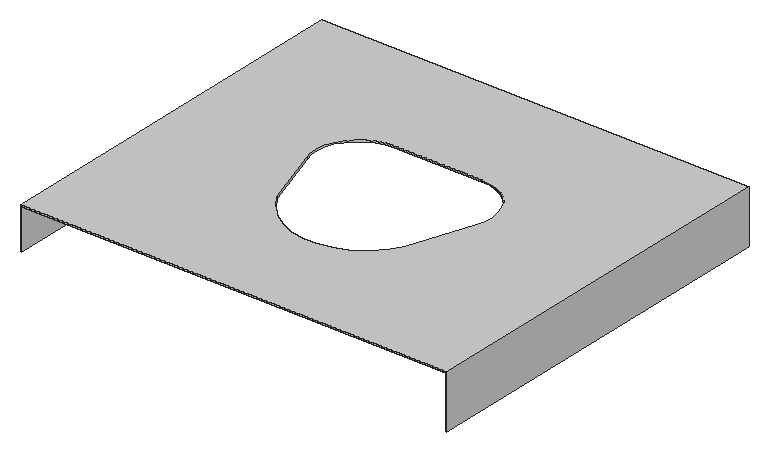
Revit family "Solid Blocking(SB)_Wall", category Structural Framing, Revit 2024
Family settings
  Section Shape = C Profile with Lips
  Material for Model Behavior = Steel
  Always export as geometry = No
  Always vertical = Yes
  Cut with Voids When Loaded = Yes
  Symbolic Representation = From Project Settings
  Shared = No
  Show family pre-cut in plan views = Yes
Parameters (values of type "Default")
  Weight = 0.00 lbf/ft
  Vy = 0.00 kip
  Vx = 0.00 kip
  URL = "https://www.marinoware.com/product-category/framerite-connectors/joist-framing/"
  Type Comments = ""
  Sx = 0.00 in³
  Structural Material [instance] = Metal - Steel - ASTM A992
  Short Tag = ""
  Return = 3/8"
  Reported Length [instance] = 15 7/8"
  Product Submittal Link = "https://www.marinoware.com/submittal/"
  Product Info = "Solid Blocking (SB)"
  Mx = 0.00 kip-ft
  Model = ""
  Manufacturer = "Marino\\WARE®"
  Long Tag = ""
  Iy = 0.00 in⁴
  Ix = 0.00 in⁴
  Fy = 0.00 ksi
  Description = "TrussDesignerProfile"
  Area = 0.00 in²
  Assembly Code = ""
  Length [instance] = 15 7/8"
  bf = 2"
  d = 14"
  tf = 1/16"
Reference planes (in)
  plane 1 "Center (Front/Back)": y = 0
  plane 2: z = 0
  plane 3 "Center (Left/Right)": x = 0.1815
  plane 4 "Left": x = -7.756
  plane 5 "Right": x = 8.119
  plane 6: y = 7
  plane 7: y = 14
  plane 8: z = -7
  plane 9 "Top": z = 7
  plane 10: z = -0.375
  plane 11: z = -0.4375
  plane 12: x = 8.0565
  plane 13: x = -7.6935
  plane 14: z = -2.375
  plane 15: z = -1.9375
Forms (in)
  Extrusion 1, solid, material "Metal - Steel - ASTM A992" <- "Structural Material", detail levels medium+fine
    sketch origin (0, 0, 0) x (1, 0, 0) y (0, 0, 1)
      loop
        line (-7.756, -1.9375) -> (-7.6935, -1.9375) -> (-7.6935, -0.4375) -> (8.0565, -0.4375) -> (8.0565, -2.375) -> (8.119, -2.375) -> (8.119, -0.375) -> (-7.756, -0.375) -> (-7.756, -1.9375)
    from -14 to 0
  Extrusion 2, void
    sketch origin (-10.47353, 0, -0.375) x (0, 1, 0) y (1, 0, 0)
      loop
        arc (4.99335, 13.03003) -> (3.53348, 10.65503) -> (4.99335, 8.28003) r 2.66183
        line (4.99335, 8.28003) -> (7.34974, 7.47709)
        arc (7.34974, 7.47709) -> (8.83376, 7.6959) -> (9.51953, 9.03003) r 1.64063
        line (9.51953, 9.03003) -> (9.51953, 12.28003)
        arc (9.51953, 12.28003) -> (8.83376, 13.61416) -> (7.34974, 13.83297) r 1.64063
        line (7.34974, 13.83297) -> (4.99335, 13.03003)
    from 0 to 0.0625
Cuts and joins
  Extrusion 2 cuts Extrusion 1
Lines and regions (in)
  model lines, style "BIMSF.Framing", detail levels coarse
    curve 1: line (-7.756, 0, 0) -> (8.119, 0, 0)
    curve 2: line (-7.756, 6, 0) -> (8.119, 6, 0)
Dimensions and locks (in)
  "d": plane 8 to plane 9 "Top"
  plane 8 to plane 2 to plane 9 "Top" = 7", 7"
  "Length": plane 4 "Left" to plane 5 "Right"
  plane 4 "Left" to plane 5 "Right" = 15 7/8"
  plane 9 "Top" to plane 8 = 14"
  plane 9 "Top" to plane 2 to plane 8 = 7", 7"
  equal spacing: plane 4 "Left", plane 3 "Center (Left/Right)", plane 5 "Right"
  plane 7 to plane 6 to plane 1 "Center (Front/Back)" = 7", 7"
  plane 4 "Left" to plane 3 "Center (Left/Right)" to plane 5 "Right" = 7 15/16", 7 15/16"
  "d": plane 1 "Center (Front/Back)" to plane 7
  equal spacing: plane 1 "Center (Front/Back)", plane 6, plane 7
  "Reported Length": plane 4 "Left" to plane 5 "Right"
  aligned and locked: Extrusion 1 to plane 7
Automatic sketch dimensions
  curve 1 to plane 5 "Right" = 0"
  curve 1 to plane 4 "Left" = 0"
  Extrusion 1 sketch curve to plane 11 = 0"
  Extrusion 1 sketch curve to plane 10 = 0"
  Extrusion 1 sketch curve to plane 14 = 0"
  Extrusion 1 sketch curve to plane 15 = 0"
  plane 4 "Left" to Extrusion 1 sketch curve = 0"
  Extrusion 1 sketch curve to plane 13 = 0"
  plane 12 to Extrusion 1 sketch curve = 0"
  plane 5 "Right" to Extrusion 1 sketch curve = 0"
  plane 1 "Center (Front/Back)" to curve 1 = 0"
  Extrusion 1 to Extrusion 2 sketch curve = 7 225/256"
  Extrusion 1 to Extrusion 2 sketch curve = 7.34974"  (x2)
  Extrusion 1 to Extrusion 2 sketch curve = 6 25/128"
  Extrusion 1 to Extrusion 2 sketch curve = 4.99335"  (x2)
  Extrusion 1 to Extrusion 2 sketch curve = 4.75956"
  Extrusion 2 sketch curve to Extrusion 2 sketch curve = 0.80294"
  Extrusion 2 sketch curve to Extrusion 2 sketch curve = 1 5/8"  (x2)
  Extrusion 2 sketch curve to Extrusion 2 sketch curve = 1 41/64"
  Extrusion 2 sketch curve to Extrusion 2 sketch curve = 0.52917"
